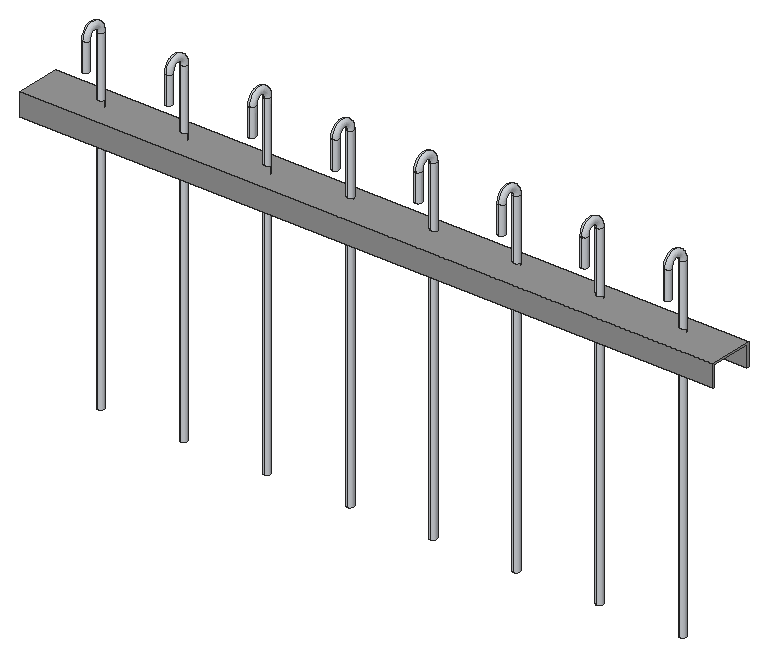
Revit family "Strittekasse_VHQ_12-15_p_i_t_40110015", category Generic Models, Revit 2019
Family settings
  Can host rebar = No
  Round Connector Dimension = Use Diameter
  Part Type = Normal
  Work Plane-Based = Yes
  Always vertical = No
  Cut with Voids When Loaded = No
  Shared = No
  Room Calculation Point = No
Parameters (values of type "VHQ 12/15")
  Website Link = "https://haucon.dk/produkt/strittekasse-enkelt/#variations"
  Technical Data Sheet = "https://haucon.dk/wp-content/uploads/2016/05/4011005-Enkelt-Strittekasse-TDS-ENG.pdf"
  Sheet Metal Width = 80 mm
  Sheet Metal Length = 1250 mm
  Sheet Metal Height = 40 mm
  Rebar Ø = 12 mm
  Rebar Top Height = 170 mm
  Rebar Bottom Height = 460 mm
  Rebar = Rebar, BSt 500 S
  Metal = Metal Panel
  Distance From Start = 100 mm
  Default Elevation = 1219.2 mm
  CenterToCenter = 150 mm
  Array Count = Sheet Metal Length / CenterToCenter  # 8
Types (4, lengths in mm): name | Sheet Metal Width | Sheet Metal Height | Rebar Ø | Rebar Bottom Height
  (no name) | 80 | 40 | 12 | 460
  VHQ 8/15 | 50 | 30 | 8 | 320
  VHQ 10/15 | 50 | 30 | 10 | 390
  VHQ 12/15 | 80 | 40 | 12 | 460
Reference planes
  plane 1 "Center (Front/Back)": y = 0
  plane 2: z = 0
  plane 3 "Center (Left/Right)": x = 0
  plane 4: y = 40
  plane 5: y = -40
  plane 6: z = 40
  plane 7: x = 1250
  plane 8: x = 100
  plane 9: x = 250
  plane 10: x = 400
  plane 11: x = 550
  plane 12: x = 700
  plane 13: x = 850
  plane 14: x = 1000
  plane 15: x = 1150
Forms (mm)
  Extrusion 1, solid, material "Metal Panel" <- "Metal"
    sketch origin (0, 0, 0) x (0, 1, 0) y (0, 0, 1)
      loop
        line (40, 0) -> (40, 40) -> (-40, 40) -> (-40, 0) -> (-37, 0) -> (-37, 37) -> (37, 37) -> (37, 0) -> (40, 0)
    from 0 to 1250
Dimensions and locks
  equal spacing: plane 4, plane 1 "Center (Front/Back)", plane 5
  "Sheet Metal Width": plane 4 to plane 5
  "Sheet Metal Height": plane 6 to level
  "Sheet Metal Length": plane 3 "Center (Left/Right)" to plane 7
  equal spacing: group 1, group 2, group 3, group 4, group 5, group 6, group 7, group 8  (x3)
  "Rebar Top Height": nested 1 to level
  "Rebar Bottom Height": level to nested 1
  "Distance From Start": plane 3 "Center (Left/Right)" to plane 8
  "CenterToCenter": plane 8 to plane 9
  aligned and locked: level to plane 2
  aligned and locked: Extrusion 1 sketch curve to plane 4
  aligned and locked: plane 6 to Extrusion 1 sketch curve
  aligned and locked: Extrusion 1 sketch curve to plane 5
  aligned and locked: Extrusion 1 to plane 7
  aligned and locked: Extrusion 1 to plane 3 "Center (Left/Right)"
Automatic sketch dimensions
  Extrusion 1 sketch curve to level = 0 mm  (x2)
  plane 5 to Extrusion 1 sketch curve = 3 mm
  Extrusion 1 sketch curve to Extrusion 1 sketch curve = 3 mm
  Extrusion 1 sketch curve to plane 6 = 3 mm
Nested families
  nested 1: "Rebar" at (75, 25, 0), type "Rebar"
    with Rebar Ø 12 mm, Rebar Bottom Height 460 mm
  nested 2: "Rebar" at (225, 25, 0), type "Rebar"
    with Rebar Ø 12 mm, Rebar Bottom Height 460 mm
  nested 3: "Rebar" at (375, 25, 0), type "Rebar"
    with Rebar Ø 12 mm, Rebar Bottom Height 460 mm
  nested 4: "Rebar" at (525, 25, 0), type "Rebar"
    with Rebar Ø 12 mm, Rebar Bottom Height 460 mm
  nested 5: "Rebar" at (675, 25, 0), type "Rebar"
    with Rebar Ø 12 mm, Rebar Bottom Height 460 mm
  nested 6: "Rebar" at (825, 25, 0), type "Rebar"
    with Rebar Ø 12 mm, Rebar Bottom Height 460 mm
  nested 7: "Rebar" at (975, 25, 0), type "Rebar"
    with Rebar Ø 12 mm, Rebar Bottom Height 460 mm
  nested 8: "Rebar" at (1125, 25, 0), type "Rebar"
    with Rebar Ø 12 mm, Rebar Bottom Height 460 mm
Definition of nested family "Rebar"
  Parameters (values of type "Rebar")
    Rebar Top Height = 170 mm
    Rebar Ø = 8 mm
    Rebar Bottom Height = 320 mm
    Rebar = none
    Default Elevation = 1219.2 mm
  Reference planes
    plane 1 "Center (Front/Back)": y = 0
    plane 2: z = 0
    plane 3 "Center (Left/Right)": x = 0
    plane 4: z = 30
    plane 5: y = -3.313
    plane 6: z = 170
    plane 7: z = -320
  Forms (mm)
    Sweep 1, solid
      path origin (0, -0.313, 0) x (0, 1, 0) y (0, 0, 1)
        loop
          line (-8, -320) -> (-8, 149.145)
          arc (-8, 149.145) -> (-24.865, 166.01) -> (-41.73, 149.145) r 16.865
          line (-41.73, 149.145) -> (-41.73, 99.145)
      profile origin (0, -8.312, -85.428) x (0, -1, 0) y (1, 0, 0)
        loop
          circle (0, 25) r 4
  Dimensions and locks
    plane 4 to level = 30 mm
    locked: plane 6 to Sweep 1 sketch curve at 3.99
    "Rebar Top Height": plane 6 to level
    "Rebar Bottom Height": level to plane 7
    "Rebar Ø": diameter of Sweep 1 sketch curve
    aligned and locked: level to plane 2
    aligned and locked: plane 7 to Sweep 1 sketch curve
  Automatic sketch dimensions
    Sweep 1 sketch curve to plane 5 = 38.73 mm
    Sweep 1 sketch curve to Sweep 1 sketch curve = 16.865 mm
    Sweep 1 sketch curve to Sweep 1 sketch curve = 50 mm
    Sweep 1 sketch curve to profile plane = 0 mm
    plane 3 "Center (Left/Right)" to Sweep 1 sketch curve = 25 mm
